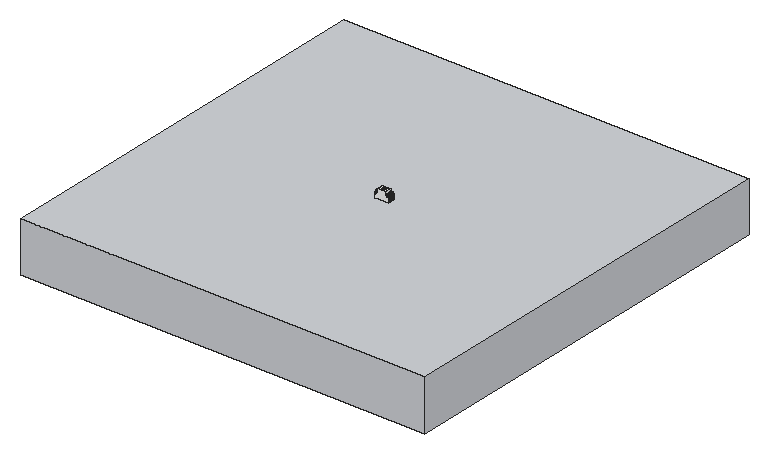
Revit family "Gira_128900", category Elektroinstallationen, Revit 2017
Family settings
  Basisbauteil = Fläche
  Beschriftungsausrichtung beibehalten = Nein
  Bemaßung runder Anschluss = Durchmesser verwenden
  Teiletyp = Normal
  Beim Laden mit Abzugskörper schneiden = Nein
  Gemeinsam genutzt = Nein
  Raumberechnungspunkt = Nein
Parameters
  Default Elevation = 1219.2 mm
  URL = "https://www.gira.de/"
  Typname = "DCS swit.act. DRA Door communication"
  Productwebsite = "http://katalog.gira.de/en/datenblatt.html?artikelnr=128900"
  Installation technique = "Bus system"
  Hersteller = "Gira"
  HAN = "128900"
  GTIN = "4010337289005"
  Function = "Switch (connect)"
  Data sheet = "https://katalog.gira.de/en/download.html?artikelnr=128900"
  Beschreibung = "Swit.act.DRA Door,Door communication switching actuator,,DRA,Features:,- Switching actuator for switching light, controlling a door opener on back side doors or other functions via the Gira door communication bus.,- Control of a zero-voltage switching contact 230 V   10 A via the 2-wire bus.,- The switching actuator can be controlled via:,  the buttons Door\" and \"Light\" on the home station,,  the call button on the door station,,  the call button on the home station,,  the buttons of a telephone (in conjunction with DCS-TC gateway).,- The switching actuator can be used in five different operating modes: switching, timer sec., timer min., pulse, and door opener.,- Impulse function for controlling existing automatic staircase mechanisms.,- Binary input for switching functions via a connected mechanical push button.,- Switching time can be adjusted continuously from 1 to 10 s or 1 to 10 min., depending on the function set.,,Notes :,- The switching actuator is intended to be installed in the sub-distribution. If this is not possible, use a common surface-mounted distributor.,- This component enables door communication systems with more than 30 devices to be set up.\""
  BIM = "https://media.stage.bim.site/public/gira/ad86d9f/REG%202f.rfa?public/gira/ad86d9f/REG 2f.rfa"
Reference planes
  plane 1 "Center (Front/Back)": y = 0
  plane 2: z = 0
  plane 3 "Center (Left/Right)": x = 0
Forms (mm)
  Extrusion 1, solid
    sketch origin (0, 0, 0) x (1, 0, 0) y (0, 1, 0)
      loop
        line (-1219.2, 1219.2) -> (-1219.2, -1219.2) -> (1219.2, -1219.2) -> (1219.2, 1219.2) -> (-1219.2, 1219.2)
    from 0 to -304.8
  Extrusion 2, solid, material "White", detail levels fine
    sketch origin (0, 0.085, 0) x (1, 0, 0) y (0, 0, 1)
      loop
        line (40.325, 0) -> (42.075, 1.75) -> (43.075, 1.75) -> (43.005, 15.155) -> (42, 15.736) -> (41.767, 25.973)
        spline (41.767, 25.973) -> (41.756, 26.101) -> (41.729, 26.227) -> (41.685, 26.348) -> (41.626, 26.463) -> (41.553, 26.569) -> (41.467, 26.665) -> (41.369, 26.749) -> (41.261, 26.82) -> (41.145, 26.876) -> (41.023, 26.917) -> (40.896, 26.942) -> (40.768, 26.95)
        line (40.768, 26.95) -> (32.182, 26.95) -> (32.182, 29.944) -> (31.157, 30.536) -> (30.925, 40.773)
        spline (30.925, 40.773) -> (30.913, 40.901) -> (30.886, 41.027) -> (30.842, 41.148) -> (30.783, 41.263) -> (30.71, 41.369) -> (30.624, 41.465) -> (30.526, 41.549) -> (30.418, 41.62) -> (30.302, 41.676) -> (30.18, 41.717) -> (30.053, 41.742) -> (29.925, 41.75)
        line (29.925, 41.75) -> (22.4, 41.75) -> (22.351, 51.105)
        arc (22.351, 51.105) -> (22.056, 51.809) -> (21.351, 52.1) r 1
        line (21.351, 52.1) -> (-21.351, 52.1)
        arc (-21.351, 52.1) -> (-22.056, 51.809) -> (-22.351, 51.105) r 1
        line (-22.351, 51.105) -> (-22.4, 41.75) -> (-29.925, 41.75)
        spline (-29.925, 41.75) -> (-30.053, 41.742) -> (-30.18, 41.717) -> (-30.302, 41.676) -> (-30.418, 41.62) -> (-30.526, 41.549) -> (-30.624, 41.465) -> (-30.71, 41.369) -> (-30.783, 41.263) -> (-30.842, 41.148) -> (-30.886, 41.027) -> (-30.913, 40.901) -> (-30.925, 40.773)
        line (-30.925, 40.773) -> (-31.157, 30.536) -> (-32.182, 29.944) -> (-32.182, 26.95) -> (-40.768, 26.95)
        spline (-40.768, 26.95) -> (-40.896, 26.942) -> (-41.023, 26.917) -> (-41.145, 26.876) -> (-41.261, 26.82) -> (-41.369, 26.749) -> (-41.467, 26.665) -> (-41.553, 26.569) -> (-41.626, 26.463) -> (-41.685, 26.348) -> (-41.729, 26.227) -> (-41.756, 26.101) -> (-41.767, 25.973)
        line (-41.767, 25.973) -> (-42, 15.736) -> (-43.005, 15.155) -> (-43.075, 1.75) -> (-42.075, 1.75) -> (-40.325, 0) -> (40.325, 0)
    from -17.83 to 18
  Extrusion 3, solid, material "White", detail levels fine
    sketch origin (0, 0.085, 0) x (1, 0, 0) y (0, 0, 1)
      loop
        arc (-44.59, 27.35) -> (-44.84, 26.747) -> (-44.925, 26.1) r 2.5
        line (-44.925, 26.1) -> (-44.925, 12.6) -> (-43.028, 10.805) -> (-43.005, 15.155) -> (-42, 15.736) -> (-41.767, 25.973)
        spline (-41.767, 25.973) -> (-41.756, 26.101) -> (-41.729, 26.227) -> (-41.685, 26.348) -> (-41.626, 26.463) -> (-41.553, 26.569) -> (-41.467, 26.665) -> (-41.369, 26.749) -> (-41.261, 26.82) -> (-41.145, 26.876) -> (-41.023, 26.917) -> (-40.896, 26.942) -> (-40.768, 26.95)
        line (-40.768, 26.95) -> (-32.182, 26.95) -> (-32.182, 29.944) -> (-31.157, 30.536) -> (-30.925, 40.773)
        spline (-30.925, 40.773) -> (-30.913, 40.901) -> (-30.886, 41.027) -> (-30.842, 41.148) -> (-30.783, 41.263) -> (-30.71, 41.369) -> (-30.624, 41.465) -> (-30.526, 41.549) -> (-30.418, 41.62) -> (-30.302, 41.676) -> (-30.18, 41.717) -> (-30.053, 41.742) -> (-29.925, 41.75)
        line (-29.925, 41.75) -> (-34.833, 41.75)
        arc (-34.833, 41.75) -> (-36.083, 41.415) -> (-36.998, 40.5) r 2.5
        line (-36.998, 40.5) -> (-44.59, 27.35)
      loop
        line (44.59, 27.35) -> (36.998, 40.5)
        arc (36.998, 40.5) -> (36.083, 41.415) -> (34.833, 41.75) r 2.5
        line (34.833, 41.75) -> (29.925, 41.75)
        spline (29.925, 41.75) -> (30.053, 41.742) -> (30.18, 41.717) -> (30.302, 41.676) -> (30.418, 41.62) -> (30.526, 41.549) -> (30.624, 41.465) -> (30.71, 41.369) -> (30.783, 41.263) -> (30.842, 41.148) -> (30.886, 41.027) -> (30.913, 40.901) -> (30.925, 40.773)
        line (30.925, 40.773) -> (31.157, 30.536) -> (32.182, 29.944) -> (32.182, 26.95) -> (40.768, 26.95)
        spline (40.768, 26.95) -> (40.896, 26.942) -> (41.023, 26.917) -> (41.145, 26.876) -> (41.261, 26.82) -> (41.369, 26.749) -> (41.467, 26.665) -> (41.553, 26.569) -> (41.626, 26.463) -> (41.685, 26.348) -> (41.729, 26.227) -> (41.756, 26.101) -> (41.767, 25.973)
        line (41.767, 25.973) -> (42, 15.736) -> (43.005, 15.155) -> (43.028, 10.805) -> (44.925, 12.6) -> (44.925, 26.1)
        arc (44.925, 26.1) -> (44.84, 26.747) -> (44.59, 27.35) r 2.5
    from 16.446 to 18
  Extrusion 4, solid, material "White", detail levels fine
    sketch origin (0, 8.585, 0) x (1, 0, 0) y (0, 0, 1)
      loop
        arc (-44.59, 27.35) -> (-44.84, 26.747) -> (-44.925, 26.1) r 2.5
        line (-44.925, 26.1) -> (-44.925, 12.6) -> (-43.028, 10.805) -> (-43.005, 15.155) -> (-42, 15.736) -> (-41.767, 25.973)
        spline (-41.767, 25.973) -> (-41.756, 26.101) -> (-41.729, 26.227) -> (-41.685, 26.348) -> (-41.626, 26.463) -> (-41.553, 26.569) -> (-41.467, 26.665) -> (-41.369, 26.749) -> (-41.261, 26.82) -> (-41.145, 26.876) -> (-41.023, 26.917) -> (-40.896, 26.942) -> (-40.768, 26.95)
        line (-40.768, 26.95) -> (-32.182, 26.95) -> (-32.182, 29.944) -> (-31.157, 30.536) -> (-30.925, 40.773)
        spline (-30.925, 40.773) -> (-30.913, 40.901) -> (-30.886, 41.027) -> (-30.842, 41.148) -> (-30.783, 41.263) -> (-30.71, 41.369) -> (-30.624, 41.465) -> (-30.526, 41.549) -> (-30.418, 41.62) -> (-30.302, 41.676) -> (-30.18, 41.717) -> (-30.053, 41.742) -> (-29.925, 41.75)
        line (-29.925, 41.75) -> (-34.833, 41.75)
        arc (-34.833, 41.75) -> (-36.083, 41.415) -> (-36.998, 40.5) r 2.5
        line (-36.998, 40.5) -> (-44.59, 27.35)
      loop
        line (44.59, 27.35) -> (36.998, 40.5)
        arc (36.998, 40.5) -> (36.083, 41.415) -> (34.833, 41.75) r 2.5
        line (34.833, 41.75) -> (29.925, 41.75)
        spline (29.925, 41.75) -> (30.053, 41.742) -> (30.18, 41.717) -> (30.302, 41.676) -> (30.418, 41.62) -> (30.526, 41.549) -> (30.624, 41.465) -> (30.71, 41.369) -> (30.783, 41.263) -> (30.842, 41.148) -> (30.886, 41.027) -> (30.913, 40.901) -> (30.925, 40.773)
        line (30.925, 40.773) -> (31.157, 30.536) -> (32.182, 29.944) -> (32.182, 26.95) -> (40.768, 26.95)
        spline (40.768, 26.95) -> (40.896, 26.942) -> (41.023, 26.917) -> (41.145, 26.876) -> (41.261, 26.82) -> (41.369, 26.749) -> (41.467, 26.665) -> (41.553, 26.569) -> (41.626, 26.463) -> (41.685, 26.348) -> (41.729, 26.227) -> (41.756, 26.101) -> (41.767, 25.973)
        line (41.767, 25.973) -> (42, 15.736) -> (43.005, 15.155) -> (43.028, 10.805) -> (44.925, 12.6) -> (44.925, 26.1)
        arc (44.925, 26.1) -> (44.84, 26.747) -> (44.59, 27.35) r 2.5
    from 16.49 to 17.724
  Extrusion 5, solid, material "White", detail levels fine
    sketch origin (0, 17.107, 0) x (1, 0, 0) y (0, 0, 1)
      loop
        arc (-44.59, 27.35) -> (-44.84, 26.747) -> (-44.925, 26.1) r 2.5
        line (-44.925, 26.1) -> (-44.925, 12.6) -> (-43.028, 10.805) -> (-43.005, 15.155) -> (-42, 15.736) -> (-41.767, 25.973)
        spline (-41.767, 25.973) -> (-41.756, 26.101) -> (-41.729, 26.227) -> (-41.685, 26.348) -> (-41.626, 26.463) -> (-41.553, 26.569) -> (-41.467, 26.665) -> (-41.369, 26.749) -> (-41.261, 26.82) -> (-41.145, 26.876) -> (-41.023, 26.917) -> (-40.896, 26.942) -> (-40.768, 26.95)
        line (-40.768, 26.95) -> (-32.182, 26.95) -> (-32.182, 29.944) -> (-31.157, 30.536) -> (-30.925, 40.773)
        spline (-30.925, 40.773) -> (-30.913, 40.901) -> (-30.886, 41.027) -> (-30.842, 41.148) -> (-30.783, 41.263) -> (-30.71, 41.369) -> (-30.624, 41.465) -> (-30.526, 41.549) -> (-30.418, 41.62) -> (-30.302, 41.676) -> (-30.18, 41.717) -> (-30.053, 41.742) -> (-29.925, 41.75)
        line (-29.925, 41.75) -> (-34.833, 41.75)
        arc (-34.833, 41.75) -> (-36.083, 41.415) -> (-36.998, 40.5) r 2.5
        line (-36.998, 40.5) -> (-44.59, 27.35)
      loop
        line (44.59, 27.35) -> (36.998, 40.5)
        arc (36.998, 40.5) -> (36.083, 41.415) -> (34.833, 41.75) r 2.5
        line (34.833, 41.75) -> (29.925, 41.75)
        spline (29.925, 41.75) -> (30.053, 41.742) -> (30.18, 41.717) -> (30.302, 41.676) -> (30.418, 41.62) -> (30.526, 41.549) -> (30.624, 41.465) -> (30.71, 41.369) -> (30.783, 41.263) -> (30.842, 41.148) -> (30.886, 41.027) -> (30.913, 40.901) -> (30.925, 40.773)
        line (30.925, 40.773) -> (31.157, 30.536) -> (32.182, 29.944) -> (32.182, 26.95) -> (40.768, 26.95)
        spline (40.768, 26.95) -> (40.896, 26.942) -> (41.023, 26.917) -> (41.145, 26.876) -> (41.261, 26.82) -> (41.369, 26.749) -> (41.467, 26.665) -> (41.553, 26.569) -> (41.626, 26.463) -> (41.685, 26.348) -> (41.729, 26.227) -> (41.756, 26.101) -> (41.767, 25.973)
        line (41.767, 25.973) -> (42, 15.736) -> (43.005, 15.155) -> (43.028, 10.805) -> (44.925, 12.6) -> (44.925, 26.1)
        arc (44.925, 26.1) -> (44.84, 26.747) -> (44.59, 27.35) r 2.5
    from 16.49 to 17.724
  Extrusion 6, solid, material "White", detail levels fine
    sketch origin (0, 25.607, 0) x (1, 0, 0) y (0, 0, 1)
      loop
        arc (-44.59, 27.35) -> (-44.84, 26.747) -> (-44.925, 26.1) r 2.5
        line (-44.925, 26.1) -> (-44.925, 12.6) -> (-43.028, 10.805) -> (-43.005, 15.155) -> (-42, 15.736) -> (-41.767, 25.973)
        spline (-41.767, 25.973) -> (-41.756, 26.101) -> (-41.729, 26.227) -> (-41.685, 26.348) -> (-41.626, 26.463) -> (-41.553, 26.569) -> (-41.467, 26.665) -> (-41.369, 26.749) -> (-41.261, 26.82) -> (-41.145, 26.876) -> (-41.023, 26.917) -> (-40.896, 26.942) -> (-40.768, 26.95)
        line (-40.768, 26.95) -> (-32.182, 26.95) -> (-32.182, 29.944) -> (-31.157, 30.536) -> (-30.925, 40.773)
        spline (-30.925, 40.773) -> (-30.913, 40.901) -> (-30.886, 41.027) -> (-30.842, 41.148) -> (-30.783, 41.263) -> (-30.71, 41.369) -> (-30.624, 41.465) -> (-30.526, 41.549) -> (-30.418, 41.62) -> (-30.302, 41.676) -> (-30.18, 41.717) -> (-30.053, 41.742) -> (-29.925, 41.75)
        line (-29.925, 41.75) -> (-34.833, 41.75)
        arc (-34.833, 41.75) -> (-36.083, 41.415) -> (-36.998, 40.5) r 2.5
        line (-36.998, 40.5) -> (-44.59, 27.35)
      loop
        line (44.59, 27.35) -> (36.998, 40.5)
        arc (36.998, 40.5) -> (36.083, 41.415) -> (34.833, 41.75) r 2.5
        line (34.833, 41.75) -> (29.925, 41.75)
        spline (29.925, 41.75) -> (30.053, 41.742) -> (30.18, 41.717) -> (30.302, 41.676) -> (30.418, 41.62) -> (30.526, 41.549) -> (30.624, 41.465) -> (30.71, 41.369) -> (30.783, 41.263) -> (30.842, 41.148) -> (30.886, 41.027) -> (30.913, 40.901) -> (30.925, 40.773)
        line (30.925, 40.773) -> (31.157, 30.536) -> (32.182, 29.944) -> (32.182, 26.95) -> (40.768, 26.95)
        spline (40.768, 26.95) -> (40.896, 26.942) -> (41.023, 26.917) -> (41.145, 26.876) -> (41.261, 26.82) -> (41.369, 26.749) -> (41.467, 26.665) -> (41.553, 26.569) -> (41.626, 26.463) -> (41.685, 26.348) -> (41.729, 26.227) -> (41.756, 26.101) -> (41.767, 25.973)
        line (41.767, 25.973) -> (42, 15.736) -> (43.005, 15.155) -> (43.028, 10.805) -> (44.925, 12.6) -> (44.925, 26.1)
        arc (44.925, 26.1) -> (44.84, 26.747) -> (44.59, 27.35) r 2.5
    from 16.49 to 17.724
  Extrusion 7, solid, material "White", detail levels fine
    sketch origin (0, 34.11, 0) x (1, 0, 0) y (0, 0, 1)
      loop
        arc (-44.59, 27.35) -> (-44.84, 26.747) -> (-44.925, 26.1) r 2.5
        line (-44.925, 26.1) -> (-44.925, 12.6) -> (-43.028, 10.805) -> (-43.005, 15.155) -> (-42, 15.736) -> (-41.767, 25.973)
        spline (-41.767, 25.973) -> (-41.756, 26.101) -> (-41.729, 26.227) -> (-41.685, 26.348) -> (-41.626, 26.463) -> (-41.553, 26.569) -> (-41.467, 26.665) -> (-41.369, 26.749) -> (-41.261, 26.82) -> (-41.145, 26.876) -> (-41.023, 26.917) -> (-40.896, 26.942) -> (-40.768, 26.95)
        line (-40.768, 26.95) -> (-32.182, 26.95) -> (-32.182, 29.944) -> (-31.157, 30.536) -> (-30.925, 40.773)
        spline (-30.925, 40.773) -> (-30.913, 40.901) -> (-30.886, 41.027) -> (-30.842, 41.148) -> (-30.783, 41.263) -> (-30.71, 41.369) -> (-30.624, 41.465) -> (-30.526, 41.549) -> (-30.418, 41.62) -> (-30.302, 41.676) -> (-30.18, 41.717) -> (-30.053, 41.742) -> (-29.925, 41.75)
        line (-29.925, 41.75) -> (-34.833, 41.75)
        arc (-34.833, 41.75) -> (-36.083, 41.415) -> (-36.998, 40.5) r 2.5
        line (-36.998, 40.5) -> (-44.59, 27.35)
      loop
        line (44.59, 27.35) -> (36.998, 40.5)
        arc (36.998, 40.5) -> (36.083, 41.415) -> (34.833, 41.75) r 2.5
        line (34.833, 41.75) -> (29.925, 41.75)
        spline (29.925, 41.75) -> (30.053, 41.742) -> (30.18, 41.717) -> (30.302, 41.676) -> (30.418, 41.62) -> (30.526, 41.549) -> (30.624, 41.465) -> (30.71, 41.369) -> (30.783, 41.263) -> (30.842, 41.148) -> (30.886, 41.027) -> (30.913, 40.901) -> (30.925, 40.773)
        line (30.925, 40.773) -> (31.157, 30.536) -> (32.182, 29.944) -> (32.182, 26.95) -> (40.768, 26.95)
        spline (40.768, 26.95) -> (40.896, 26.942) -> (41.023, 26.917) -> (41.145, 26.876) -> (41.261, 26.82) -> (41.369, 26.749) -> (41.467, 26.665) -> (41.553, 26.569) -> (41.626, 26.463) -> (41.685, 26.348) -> (41.729, 26.227) -> (41.756, 26.101) -> (41.767, 25.973)
        line (41.767, 25.973) -> (42, 15.736) -> (43.005, 15.155) -> (43.028, 10.805) -> (44.925, 12.6) -> (44.925, 26.1)
        arc (44.925, 26.1) -> (44.84, 26.747) -> (44.59, 27.35) r 2.5
    from 16.195 to 17.748
  Extrusion 8, void, detail levels fine
    sketch origin (0, 0.085, 0) x (1, 0, 0) y (0, 1, 0)
      loop
        circle (-35.274, 12.665) r 3.05
    from 24.323 to 26.95
  Extrusion 9, void, detail levels fine
    sketch origin (0, -8.415, 0) x (1, 0, 0) y (0, 1, 0)
      loop
        circle (-35.274, 12.665) r 3.05
    from 24.323 to 26.95
  Extrusion 10, void, detail levels fine
    sketch origin (0, -16.915, 0) x (1, 0, 0) y (0, 1, 0)
      loop
        circle (-35.274, 12.665) r 3.05
    from 24.323 to 26.95
  Extrusion 11, void, detail levels fine
    sketch origin (0, -25.415, 0) x (1, 0, 0) y (0, 1, 0)
      loop
        circle (-35.274, 12.665) r 3.05
    from 24.323 to 26.95
  Extrusion 12, void, detail levels fine
    sketch origin (0, 0.085, 0) x (1, 0, 0) y (0, 1, 0)
      loop
        circle (-25.624, 12.665) r 3.05
    from 37.243 to 41.75
  Extrusion 13, void, detail levels fine
    sketch origin (0, -8.415, 0) x (1, 0, 0) y (0, 1, 0)
      loop
        circle (-25.624, 12.665) r 3.05
    from 37.243 to 41.75
  Extrusion 14, void, detail levels fine
    sketch origin (0, -16.915, 0) x (1, 0, 0) y (0, 1, 0)
      loop
        circle (-25.624, 12.665) r 3.05
    from 37.243 to 41.75
  Extrusion 15, void, detail levels fine
    sketch origin (0, -25.415, 0) x (1, 0, 0) y (0, 1, 0)
      loop
        circle (-25.624, 12.665) r 3.05
    from 37.243 to 41.75
  Extrusion 16, void, detail levels fine
    sketch origin (0, 0.085, 0) x (1, 0, 0) y (0, 1, 0)
      loop
        circle (-10.024, 5.915) r 1.275
      loop
        circle (-5.024, 5.915) r 1.275
      loop
        circle (-0.024, 5.915) r 1.275
      loop
        circle (4.976, 5.915) r 1.275
      loop
        circle (9.976, 5.915) r 1.275
      loop
        circle (-10.024, -6.585) r 1.75
      loop
        circle (-2.024, -6.585) r 1.75
      loop
        circle (-2.024, -12.585) r 1.275
      loop
        circle (7.976, -6.585) r 1.75
    from 44.278 to 52.1
  Extrusion 17, void
    sketch origin (0, 0, 0) x (0, 1, 0) y (0, 0, 1)
      loop
        line (1.5, 7.47) -> (1.5, 4.67) -> (4.5, 4.67) -> (4.5, 7.47) -> (1.5, 7.47)
      loop
        line (-4.5, 7.47) -> (-4.5, 4.67) -> (-1.5, 4.67) -> (-1.5, 7.47) -> (-4.5, 7.47)
    from -47.729 to 48.928
  Extrusion 18, void, detail levels fine
    sketch origin (0, 0, 0) x (0, 1, 0) y (0, 0, 1)
      loop
        line (16.361, 15.736) -> (16.361, 19.75) -> (9.117, 19.75) -> (9.117, 15.736) -> (16.361, 15.736)
      loop
        line (7.883, 19.75) -> (0.617, 19.75) -> (0.617, 15.736) -> (7.883, 15.736) -> (7.883, 19.75)
      loop
        line (-7.905, 19.75) -> (-7.905, 15.736) -> (-0.617, 15.736) -> (-0.617, 19.75) -> (-7.905, 19.75)
      loop
        line (-16.361, 19.75) -> (-16.361, 15.736) -> (-9.139, 15.736) -> (-9.139, 19.75) -> (-16.361, 19.75)
    from -42.725 to 42.663
  Extrusion 19, void, detail levels fine
    sketch origin (0, 0, 0) x (0, 1, 0) y (0, 0, 1)
      loop
        line (16.361, 30.536) -> (16.361, 34.55) -> (9.117, 34.55) -> (9.117, 30.536) -> (16.361, 30.536)
      loop
        line (7.883, 34.55) -> (0.617, 34.55) -> (0.617, 30.536) -> (7.883, 30.536) -> (7.883, 34.55)
      loop
        line (-7.905, 34.55) -> (-7.905, 30.536) -> (-0.617, 30.536) -> (-0.617, 34.55) -> (-7.905, 34.55)
      loop
        line (-16.361, 34.55) -> (-16.361, 30.536) -> (-9.139, 30.536) -> (-9.139, 34.55) -> (-16.361, 34.55)
    from -33.613 to 32.182
  Extrusion 20, void, detail levels fine
    sketch origin (0, 0.085, 0) x (-1, 0, 0) y (0, -1, 0)
      loop
        circle (-35.274, -12.665) r 3.05
    from 24.323 to 26.95
  Extrusion 21, void, detail levels fine
    sketch origin (0, -8.415, 0) x (-1, 0, 0) y (0, -1, 0)
      loop
        circle (-35.274, -12.665) r 3.05
    from 24.323 to 26.95
  Extrusion 22, void, detail levels fine
    sketch origin (0, -16.915, 0) x (-1, 0, 0) y (0, -1, 0)
      loop
        circle (-35.274, -12.665) r 3.05
    from 24.323 to 26.95
  Extrusion 23, void, detail levels fine
    sketch origin (0, -25.415, 0) x (-1, 0, 0) y (0, -1, 0)
      loop
        circle (-35.274, -12.665) r 3.05
    from 24.323 to 26.95
  Extrusion 24, void, detail levels fine
    sketch origin (0, 0.085, 0) x (-1, 0, 0) y (0, -1, 0)
      loop
        circle (-25.624, -12.665) r 3.05
    from 37.243 to 41.75
  Extrusion 25, void, detail levels fine
    sketch origin (0, -8.415, 0) x (-1, 0, 0) y (0, -1, 0)
      loop
        circle (-25.624, -12.665) r 3.05
    from 37.243 to 41.75
  Extrusion 26, void, detail levels fine
    sketch origin (0, -16.915, 0) x (-1, 0, 0) y (0, -1, 0)
      loop
        circle (-25.624, -12.665) r 3.05
    from 37.243 to 41.75
  Extrusion 27, void, detail levels fine
    sketch origin (0, -25.415, 0) x (-1, 0, 0) y (0, -1, 0)
      loop
        circle (-25.624, -12.665) r 3.05
    from 37.243 to 41.75
  Extrusion 28, solid, material "White", detail levels medium
    sketch origin (0, 0, 0) x (1, 0, 0) y (0, 0, 1)
      loop
        line (-36.998, 40.5) -> (-44.59, 27.35)
        arc (-44.59, 27.35) -> (-44.84, 26.747) -> (-44.925, 26.1) r 2.5
        line (-44.925, 26.1) -> (-44.925, 12.6) -> (-43.028, 10.805) -> (-43.075, 1.75) -> (-42.075, 1.75) -> (-40.325, 0) -> (40.325, 0) -> (42.075, 1.75) -> (43.075, 1.75) -> (43.028, 10.805) -> (44.925, 12.6) -> (44.925, 26.1)
        arc (44.925, 26.1) -> (44.84, 26.747) -> (44.59, 27.35) r 2.5
        line (44.59, 27.35) -> (36.998, 40.5)
        arc (36.998, 40.5) -> (36.083, 41.415) -> (34.833, 41.75) r 2.5
        line (34.833, 41.75) -> (22.4, 41.75) -> (22.351, 51.105)
        arc (22.351, 51.105) -> (22.056, 51.809) -> (21.351, 52.1) r 1
        line (21.351, 52.1) -> (-21.351, 52.1)
        arc (-21.351, 52.1) -> (-22.056, 51.809) -> (-22.351, 51.105) r 1
        line (-22.351, 51.105) -> (-22.4, 41.75) -> (-34.833, 41.75)
        arc (-34.833, 41.75) -> (-36.083, 41.415) -> (-36.998, 40.5) r 2.5
    from -17.915 to 17.915
  Extrusion 29, solid, material "White", detail levels coarse
    sketch origin (0, 0, 0) x (1, 0, 0) y (0, 0, 1)
      loop
        line (-44.925, 52.1) -> (-44.925, 0) -> (44.925, 0) -> (44.925, 52.1) -> (-44.925, 52.1)
    from -17.915 to 17.915
Cuts and joins
  Extrusion 8, Extrusion 9, Extrusion 10, Extrusion 11, Extrusion 12, Extrusion 13, Extrusion 14, Extrusion 15, Extrusion 16, Extrusion 17, Extrusion 18, Extrusion 19, Extrusion 20, Extrusion 21, Extrusion 22, Extrusion 23, Extrusion 24, Extrusion 25, Extrusion 26, Extrusion 27 cuts Extrusion 2
  Extrusion 18, Extrusion 19 cuts Extrusion 3
  Extrusion 18, Extrusion 19 cuts Extrusion 4
  Extrusion 18, Extrusion 19 cuts Extrusion 5
  Extrusion 18, Extrusion 19 cuts Extrusion 6
  Extrusion 18, Extrusion 19 cuts Extrusion 7
Dimensions and locks
  aligned and locked: plane 2 to Extrusion 1
  aligned and locked: level to Extrusion 1
